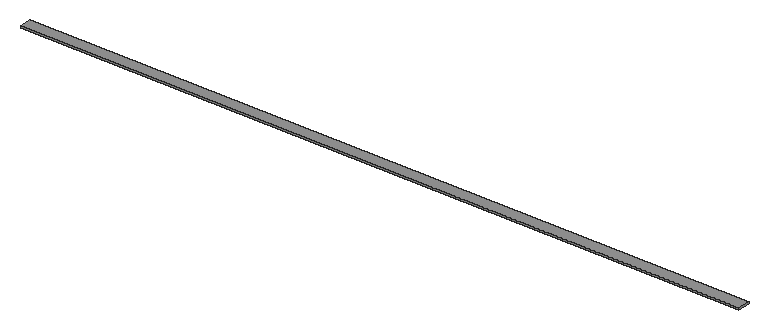
Revit family "0068129", category Lighting Fixtures, host Face, Revit 2017
Family settings
  Host = Face
  Round Connector Dimension = Use Diameter
  Part Type = Normal
  OmniClass Number = 23.80.70.00
  OmniClass Title = Lighting
  Cut with Voids When Loaded = No
  Light Source = Yes
  Shared = No
  Room Calculation Point = No
Parameters (values of type "0068129 START FLEX IP20 827 2600LM - 500 mm")
  Width_SYL = if(IP20HO_SYL, 10 mm, if(IP65_SYL, 12 mm, if(IP65HO_SYL, 10 mm, if(IP67_SYL, 10 mm, if(IP20RGB_SYL, 8 mm, if(IP20RGBW_SYL, 12 mm, if(IP67RGB_SYL, 12 mm, if(IP67RGBW_SYL, 14 mm, 8 mm))))))))  # 8 mm
  Weight = "2.0 kg"
  Wattage Comments = ""
  Wattage = 24 W
  WarrantyStartDate [instance] = "n/a"
  WarrantyGuarantorParts = "n/a"
  WarrantyDurationUnit = "n/a"
  WarrantyDurationParts = "n/a"
  WarrantyDescription = "n/a"
  built-in parameter 1150110 = 1 (stored number, unit not read)
  Voltage = 24 V
  URL = "http://www.sylvania-lighting.com"
  TypeName = "START Flex IP20 827 2600lm - 500 mm"
  Type Image = <None>
  Type Comments = "n/a"
  built-in parameter 1114217 = 1 (stored number, unit not read)
  Tilt Angle = -90.00°
  built-in parameter 1150109 = 1 (stored number, unit not read)
  built-in parameter 1150134 = (empty or 0)
  built-in parameter 1150113 = 1 (stored number, unit not read)
  StartCapWidth_SYL = if(IP20HO_SYL, 2 mm, if(IP65_SYL, 14 mm, if(IP65HO_SYL, 12 mm, if(IP67_SYL, 17.5 mm, if(IP20RGB_SYL, 2 mm, if(IP20RGBW_SYL, 2 mm, if(IP67RGB_SYL, 14 mm, if(IP67RGBW_SYL, 16 mm, 2 mm))))))))  # 2 mm
  StartCapVisible_SYL [instance] = no
  StartCapLength_SYL = if(IP20HO_SYL, 2 mm, if(IP65_SYL, 10 mm, if(IP65HO_SYL, 15 mm, if(IP67_SYL, 35 mm, if(IP20RGB_SYL, 2 mm, if(IP20RGBW_SYL, 2 mm, if(IP67RGB_SYL, 12 mm, if(IP67RGBW_SYL, 12 mm, 2 mm))))))))  # 2 mm
  StartCapHeight_SYL = if(IP20HO_SYL, 2 mm, if(IP65_SYL, 6 mm, if(IP65HO_SYL, 6 mm, if(IP67_SYL, 9.5 mm, if(IP20RGB_SYL, 2 mm, if(IP20RGBW_SYL, 2 mm, if(IP67RGB_SYL, 7 mm, if(IP67RGBW_SYL, 7 mm, 2 mm))))))))  # 2 mm
  SerialNumber [instance] = "n/a"
  SealingVisibility_SYL = no
  IP67_SYL = no
  IP67RGB_SYL = no
  IP67RGBW_SYL = no
  IP65_SYL = no
  IP65HO_SYL = no
  IP20RGB_SYL = no
  IP20RGBW_SYL = no
  IP20HO_SYL = no
  HeightWithSealing_SYL = if(IP20HO_SYL, 2 mm, if(IP65_SYL, 4 mm, if(IP65HO_SYL, 4 mm, if(IP67_SYL, 6 mm, if(IP20RGB_SYL, 2 mm, if(IP20RGBW_SYL, 2 mm, if(IP67RGB_SYL, 5 mm, if(IP67RGBW_SYL, 5 mm, 2 mm))))))))  # 2 mm
  Photometric Web File = "0068129.ies"
  Material_3_SYL = ABS Plastic
  PowerFactor = 0
  PowerConsumption = "24 W"
  NominalLength = 5000 mm
  NominalHeight = 1.2 mm
  NominalDepth = 8 mm
  Name = "START Flex IP20 827 2600lm - 500 mm"
  ModelReference = Name  # "START Flex IP20 827 2600lm - 500 mm"
  ModelNumber = "0068129"
  Model = Name  # "START Flex IP20 827 2600lm - 500 mm"
  Material = "none diffuser"
  ManufacturerName = "Feilo Sylvania"
  Manufacturer = "Feilo Sylvania"
  LuminousEfficacy = "108 lm/W"
  built-in parameter 1150105 = 883.71 (stored number, unit not read)
  Lumens = 2592 lm
  LuminaireType = ""
  built-in parameter 1150115 = 1 (stored number, unit not read)
  LightOutputRatio = "n/a"
  built-in parameter 1150137 = (empty or 0)
  built-in parameter 1150139 = (empty or 0)
  Length_SYL = 500 mm
  LampsType = Lamp  # "LED"
  LampNominalLuminous = "2600 lm"
  LampMacAdamStep = "3"
  LampColourTemperature = "2700 K"
  LampColourRenderingIndex = "80"
  built-in parameter 1150112 = 1 (stored number, unit not read)
  built-in parameter 1150114 = 1 (stored number, unit not read)
  Lamp = "LED"
  Keynote = "16500"
  InstallationDate [instance] = "n/a"
  InputVoltage = "24V DC"
  InputNominalFrequency = "n/a"
  built-in parameter 1150132 = (empty or 0)
  built-in parameter 1150102 = (empty or 0)
  built-in parameter 1150107 = 2700 (stored number, unit not read)
  built-in parameter 1150138 = (empty or 0)
  IngressProtection = "IP20"
  ImpactProtectionIndex = "IK00"
  built-in parameter 1150106 = 8.8371 (stored number, unit not read)
  IfcExportType = "IfcLightFixtureType"
  IfcExportAs = "IfcLightFixtureType"
  EndCapWidth_SYL = if(IP20HO_SYL, 2 mm, if(IP65_SYL, 14 mm, if(IP65HO_SYL, 12 mm, if(IP67_SYL, 17.5 mm, if(IP20RGB_SYL, 2 mm, if(IP20RGBW_SYL, 2 mm, if(IP67RGB_SYL, 14 mm, if(IP67RGBW_SYL, 16 mm, 2 mm))))))))  # 2 mm
  EndCapVisible_SYL [instance] = no
  EndCapLength_SYL = if(IP20HO_SYL, 2 mm, if(IP65_SYL, 10 mm, if(IP65HO_SYL, 10 mm, if(IP67_SYL, 15 mm, if(IP20RGB_SYL, 2 mm, if(IP20RGBW_SYL, 2 mm, if(IP67RGB_SYL, 10 mm, if(IP67RGBW_SYL, 10 mm, 2 mm))))))))  # 2 mm
  EndCapHeight_SYL = if(IP20HO_SYL, 2 mm, if(IP65_SYL, 6 mm, if(IP65HO_SYL, 6 mm, if(IP67_SYL, 9.5 mm, if(IP20RGB_SYL, 2 mm, if(IP20RGBW_SYL, 2 mm, if(IP67RGB_SYL, 7 mm, if(IP67RGBW_SYL, 7 mm, 2 mm))))))))  # 2 mm
  EmitSurfaceOffset_SYL = 1 mm  # constant formula
  EmitSurfaceHeight_SYL = if(IP20HO_SYL, 1.2 mm, if(IP65_SYL, 4 mm, if(IP65HO_SYL, 4 mm, if(IP67_SYL, 6 mm, if(IP20RGB_SYL, 1.2 mm, if(IP20RGBW_SYL, 1.2 mm, if(IP67RGB_SYL, 5 mm, if(IP67RGBW_SYL, 5 mm, 1.2 mm))))))))  # 1.2 mm
  Emit from Rectangle Width = if(IP20HO_SYL, 3.5 mm, if(IP65_SYL, 12 mm, if(IP65HO_SYL, 10 mm, if(IP67_SYL, 10 mm, if(IP20RGB_SYL, 5 mm, if(IP20RGBW_SYL, 5 mm, if(IP67RGB_SYL, 12 mm, if(IP67RGBW_SYL, 14 mm, 3.5 mm))))))))  # 3.5 mm
  Emit from Rectangle Length = Length_SYL - 2 * EmitSurfaceOffset_SYL  # 498 mm
  Emit Shape Visible in Rendering = no
  ElectricShockClassification = "Class III"
  built-in parameter 1150104 = 10.034 (stored number, unit not read)
  DocumentationLiterature = "http://www.sylvania-lighting.com/product/en-int/products/0068129"
  DimmingControlOptions = "n/a"
  Material_2_SYL = LED
  Dimming Lamp Color Temperature Shift = <None>
  Description = "5 metre IP20 LED reel with pre-attached 3M adhesive type;  equipped with 300 LEDs ,24V; 2700K; CRI80; SDCM <3; 50000 hrs (L70)"
  Default Elevation = 1219.2 mm
  CreatedOn = "9/11/2019"
  CreatedBy = "@sylvania-lighting.com"
  Cost = 0
  Color Filter = 16777215
  built-in parameter 1114216 [instance] = (empty or 0)
  ClassificationValue = "EF_70_80"
  ClassificationName = "Uniclass2015"
  Material_1_SYL = Aluminum
  BarCode [instance] = "n/a"
  built-in parameter 1114218 = 1 (stored number, unit not read)
  built-in parameter 1150133 = 10 (stored number, unit not read)
  AssetType = "Fixed"
  AssetIdentifier [instance] = "n/a"
  Assembly Code = "D5020200"
  Apparent Load = 24 VA
  Material_4_SYL = Polycarbonate, Clear
Types (4, lengths in mm): name | TypeName | StartCapVisible_SYL | Name | ModelReference | Model | Length_SYL | EndCapVisible_SYL | Emit from Rectangle Length
  0068129 START FLEX IP20 827 2600LM - 500 mm | "START Flex IP20 827 2600lm - 500 mm" | no | "START Flex IP20 827 2600lm - 500 mm" | "START Flex IP20 827 2600lm - 500 mm" | "START Flex IP20 827 2600lm - 500 mm" | 500 | no | 498
  0068129 START FLEX IP20 827 2600LM - 100 mm | "START Flex IP20 827 2600lm - 100 mm" | no | "START Flex IP20 827 2600lm - 100 mm" | "START Flex IP20 827 2600lm - 100 mm" | "START Flex IP20 827 2600lm - 100 mm" | 100 | no | 98
  0068129 START FLEX IP20 827 2600LM - 50 mm | "START Flex IP20 827 2600lm - 50 mm" | yes | "START Flex IP20 827 2600lm - 50 mm" | "START Flex IP20 827 2600lm - 50 mm" | "START Flex IP20 827 2600lm - 50 mm" | 50 | yes | 48
  0068129 START FLEX IP20 827 2600LM - 10 mm | "START Flex IP20 827 2600lm - 10 mm" | yes | "START Flex IP20 827 2600lm - 10 mm" | "START Flex IP20 827 2600lm - 10 mm" | "START Flex IP20 827 2600lm - 10 mm" | 10 | yes | 8
Reference planes
  plane 1 "Center (Front/Back)": y = 0
  plane 2: z = 0
  plane 3 "Center (Left/Right)": x = 0
  plane 4: y = 4
  plane 5: y = -4
  plane 6: z = 1.2
  plane 7: x = 500
  plane 8: x = 250
  plane 9: x = 1
  plane 10: x = 499
  plane 11: y = 1.8
  plane 12: y = -1.8
  plane 13: y = 1
  plane 14: y = -1
  plane 15: x = -2
  plane 16: x = 502
  plane 17: y = 1
  plane 18: y = -1
  plane 19: z = 1.2
  plane 20: z = 2
  plane 21: z = 0.6
  plane 22: z = -0.4
  plane 23: z = 1.6
  plane 24: z = 1.6
  plane 25: z = -0.4
Forms (mm)
  Extrusion 1, solid, material "Aluminum" <- "Material_1_SYL"
    sketch origin (0, 0, 0) x (0, 1, 0) y (0, 0, 1)
      loop
        line (-4, 1.2) -> (-4, 0) -> (4, 0) -> (4, 1.2) -> (-4, 1.2)
    from 0 to 500
  Extrusion 2, solid, material "Polycarbonate, Clear" <- "Material_4_SYL", visible <- "SealingVisibility_SYL"
    sketch origin (0, 0, 0) x (0, 1, 0) y (0, 0, 1)
      loop
        line (-4, 1.2) -> (4, 1.2) -> (4, 2) -> (-4, 2) -> (-4, 1.2)
    from 0 to 500
  Extrusion 3, solid, visible <- "StartCapVisible_SYL"
    sketch origin (0, 0, 0) x (0, 1, 0) y (0, 0, 1)
      loop
        line (-1, -0.4) -> (1, -0.4) -> (1, 1.6) -> (-1, 1.6) -> (-1, -0.4)
    from 0 to -2
  Extrusion 4, solid, visible <- "EndCapVisible_SYL"
    sketch origin (500, 1524, 1219.2) x (0, 1, 0) y (0, 0, 1)
      loop
        line (-1523, -1219.6) -> (-1523, -1217.6) -> (-1525, -1217.6) -> (-1525, -1219.6) -> (-1523, -1219.6)
    from 0 to 2
Lines and regions (mm)
  Split face 1
    outline origin (0, -4, 1.2) x (0, 1, 0) y (-1, 0, 0)
      loop
        line (5.8, -1) -> (2.2, -1) -> (2.2, -499) -> (5.8, -499) -> (5.8, -1)
  reference lines
    curve 1: line (1, 1.8, 0) -> (499, 1.8, 0)
    curve 2: line (1, -1.8, 0) -> (1, 1.8, 0)
    curve 3: line (499, -1.8, 0) -> (1, -1.8, 0)
    curve 4: line (499, 1.8, 0) -> (499, -1.8, 0)
Dimensions and locks
  equal spacing: plane 5, plane 1 "Center (Front/Back)", plane 4
  "Width_SYL": plane 5 to plane 4
  "Length_SYL": plane 3 "Center (Left/Right)" to plane 7
  "EmitSurfaceOffset_SYL": plane 3 "Center (Left/Right)" to plane 9
  equal spacing: plane 9, plane 8, plane 10
  "EmitSurfaceOffset_SYL": plane 10 to plane 7
  equal spacing: plane 12, plane 1 "Center (Front/Back)", plane 11
  locked: plane 12 to plane 11 at 3.6
  equal spacing: plane 14, plane 1 "Center (Front/Back)", plane 13
  "StartCapWidth_SYL": plane 14 to plane 13
  "StartCapLength_SYL": plane 15 to plane 3 "Center (Left/Right)"
  equal spacing: plane 18, plane 1 "Center (Front/Back)", plane 17
  "EndCapWidth_SYL": plane 18 to plane 17
  "EndCapLength_SYL": plane 7 to plane 16
  "EmitSurfaceHeight_SYL": plane 19 to plane 2
  "HeightWithSealing_SYL": host face to plane 20
  equal spacing: plane 2, plane 21, plane 19
  equal spacing: plane 22, plane 21, plane 23
  "EndCapHeight_SYL": plane 22 to plane 23
  equal spacing: plane 25, plane 21, plane 24
  "StartCapHeight_SYL": plane 25 to plane 24
  aligned and locked: plane 2 to host face
  aligned and locked: level to host face
  aligned and locked: plane 6 to Extrusion 1 sketch curve
  aligned and locked: Extrusion 1 sketch curve to plane 5
  aligned and locked: level to Extrusion 1 sketch curve
  aligned and locked: plane 4 to Extrusion 1 sketch curve
  aligned and locked: plane 7 to Extrusion 1
  aligned and locked: imposter light to plane 1 "Center (Front/Back)"
  aligned and locked: plane 8 to imposter light
  aligned and locked: plane 11 to curve 1
  aligned and locked: plane 9 to curve 2
  aligned and locked: curve 3 to plane 12
  aligned and locked: curve 4 to plane 10
  aligned and locked: Split face 1 sketch curve to curve 1
  aligned and locked: Split face 1 sketch curve to curve 4
  aligned and locked: Split face 1 sketch curve to curve 3
  aligned and locked: Split face 1 sketch curve to curve 2
  aligned and locked: imposter light to plane 19
  aligned and locked: Extrusion 2 sketch curve to Extrusion 1  (x2)
  aligned and locked: Extrusion 2 sketch curve to plane 20
  aligned and locked: Extrusion 2 sketch curve to plane 4
  aligned and locked: Extrusion 2 to plane 3 "Center (Left/Right)"
  aligned and locked: plane 7 to Extrusion 2
  aligned and locked: plane 22 to Extrusion 3 sketch curve
  aligned and locked: plane 14 to Extrusion 3 sketch curve
  aligned and locked: Extrusion 3 sketch curve to plane 23
  aligned and locked: Extrusion 3 sketch curve to plane 13
  aligned and locked: Extrusion 3 to plane 15
  aligned and locked: plane 3 "Center (Left/Right)" to Extrusion 3
  aligned and locked: plane 13 to Extrusion 4 sketch curve
  aligned and locked: plane 23 to Extrusion 4 sketch curve
  aligned and locked: Extrusion 4 sketch curve to plane 18
  aligned and locked: Extrusion 4 sketch curve to plane 25
  aligned and locked: plane 16 to Extrusion 4
  aligned and locked: Extrusion 4 to plane 7
Automatic sketch dimensions
  host sketch curve to host sketch curve = 600 mm
  host sketch curve to host sketch curve = 100 mm
Connectors
  electrical at (0, 0, 0.6), driven by "Voltage", driven by "Apparent Load", driven by "PowerFactor"
    settings: on Extrusion 1, index 1, voltage 24 V, apparent load 24 VA, apparent load phase1 0 VA, apparent load phase2 0 VA, apparent load phase3 0 VA, power factor 0, load classification "Other", number of poles 1, system type 30, power factor state 1, is connector primary yes, connector utility no, sub classification motor no, connector description ""
